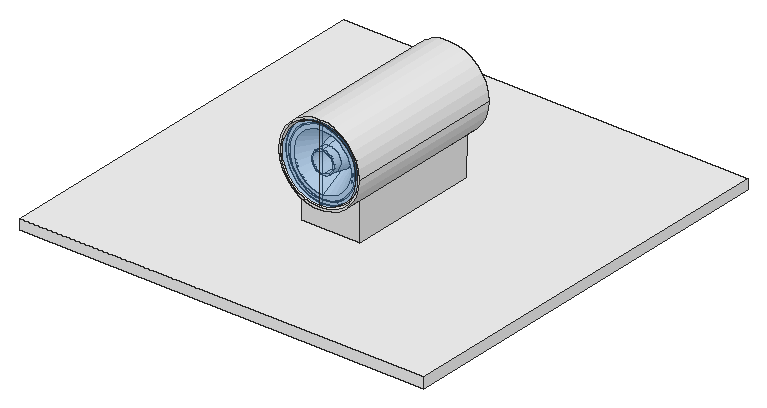
Revit family "BE_24724_de_DE", category Leuchten, Revit 2020
Family settings
  Basisbauteil = Fläche
  Bemaßung runder Anschluss = Durchmesser verwenden
  Teiletyp = Normal
  Beim Laden mit Abzugskörper schneiden = Ja
  Lichtquelle = Ja
  Gemeinsam genutzt = Nein
  Raumberechnungspunkt = Ja
Parameters (values of type "BEGA_24724_Weiß_K4")
  built-in parameter 1150104 = 16.317 (stored number, unit not read)
  Wattage = 3.9 W
  Default Elevation = 0 mm
  built-in parameter 1150113 = 1 (stored number, unit not read)
  built-in parameter 1114218 = 1 (stored number, unit not read)
  Umgebungstemperatur = "25 °C"
  URL = "https://www.bega.com/de/produkt/24724"
  Typenkommentare = "© 2022 BEGA. Wir behalten uns das Recht vor, technische Änderungen ohne vorherige Ankündigung vorzunehmen."  # constant formula
  built-in parameter 1150134 = 12
  built-in parameter 1150109 = 1 (stored number, unit not read)
  Strom = ""
  built-in parameter 1150110 = 1 (stored number, unit not read)
  Spannung = 239.996 V
  Sonderanfertigung = no
  Seriennummer [instance] = "Hier können Sie die eindeutige Seriennummer für das Facility Management eintragen."
  Schutzklasse = "I"
  Schutzart = "IP 65"
  Scheinlast = 0 VA
  Produktdatenblatt = "https://cdn.bega.com/bega/products/24724WK4/current/documents/data-sheets/de"
  Oberflächentemperatur = ""
  Neigungswinkel = 0.00°
  Modell = "24724WK4"
  Material_17 = BEGA_Reflektor
  Material_15 = BEGA_Leuchtmedium_matt
  Material_10 = BEGA_Glas_matt
  Material_06 = BEGA_Oberfläche_Edelstahl_gebürstet
  Material_03 = BEGA_Oberfläche_Weiss_matt
  Material_02 = BEGA_Oberfläche_Silber_matt
  Material_01 [instance] = BEGA_Oberfläche_Grafit_matt
  M_W = yes
  M_G = no
  M_A = no
  Logo = 0
  built-in parameter 1114217 = 1 (stored number, unit not read)
  built-in parameter 1150139 = (empty or 0)
  built-in parameter 1150105 = 54.51 (stored number, unit not read)
  built-in parameter 1150114 = 1 (stored number, unit not read)
  Lumens = 684.996 lm
  built-in parameter 1150115 = 1 (stored number, unit not read)
  Leuchtenlichtstrom = "196 lm"
  Leuchtenanzahl = ""
  Lebensdauerkriterien = "L70B50 @ 25 °C = 200000 h"
  Lastklassifizierung = Beleuchtung
  built-in parameter 1150112 = 1 (stored number, unit not read)
  Lampenlichtstrom = "685 lm"
  Lampe = "LED 3.9 W"
  LED_Modulbezeichnung = "LED-1029/840"
  built-in parameter 1150142 = (empty or 0)
  Hersteller = "BEGA"  # constant formula
  Halbstreuwinkel = ""
  Gewicht = "1.15 kg"
  Gebrauchslageneinschränkung [instance] = ""
  Frequenz = "0/50-60 Hz"
  Farbwiedergabeindex = "CRI > 80"
  Farbtemperaturverschiebung bei Dämpfen der Lampe = <Keine Auswahl>
  Farbtemperatur = "4000 K"
  Color Filter = 16777215
  built-in parameter 1150133 = 10 (stored number, unit not read)
  Energieeffizienzklasse = "LED A++ - A"
  built-in parameter 1150137 = (empty or 0)
  built-in parameter 1150132 = (empty or 0)
  ENEC = ""
  Dimmbar [instance] = ""
  Datei für fotometrisches Netz = "BE_24724K4.IES"
  CE_Konformität = "ja"
  Bestellnummer = "24724WK4"
  Beschreibung_Sonderanfertigung = "Hier können Sie Informationen zur Sonderanfertigung eintragen."
  Beschreibung = "Wandleuchte"
  built-in parameter 1150106 = 0.5451 (stored number, unit not read)
  Befestigungsbohrung = "Ø 4,5 mm"
  Befestigungsabstand = "38 x 110 mm"
  Ballwurfsicher = ""
  Anschlussleitung = ""
  Anschlussleistung [instance] = "5 W"
  Anschlusskasten = ""
  built-in parameter 1150107 = 4000 (stored number, unit not read)
  built-in parameter 1150102 = (empty or 0)
  built-in parameter 1150138 = (empty or 0)
  Aktualisierung = "2022-08-26T04:00:07"
  Abstand_zur_angestrahlten_Fläche [instance] = ""
  AC/DC = "AC/DC"
Types (6, lengths in mm): name | built-in parameter 1150104 | built-in parameter 1150134 | Modell | M_W | M_G | M_A | built-in parameter 1150105 | Lumens | Leuchtenlichtstrom | Lampenlichtstrom | LED_Modulbezeichnung | Farbtemperatur | Datei für fotometrisches Netz | Bestellnummer | built-in parameter 1150106 | built-in parameter 1150107
  BEGA_24724_Weiß_K4 | 16.317 (stored number, unit not read) | 12 | "24724WK4" | yes | no | no | 54.51 (stored number, unit not read) | 684.996 lm | "196 lm" | "685 lm" | "LED-1029/840" | "4000 K" | "BE_24724K4.IES" | "24724WK4" | 0.5451 (stored number, unit not read) | 4000 (stored number, unit not read)
  BEGA_24724_Weiß_K3 | 15.364 (stored number, unit not read) | (empty or 0) | "24724WK3" | yes | no | no | 51.326 (stored number, unit not read) | 644.982 lm | "185 lm" | "645 lm" | "LED-1029/830" | "3000 K" | "BE_24724K3.IES" | "24724WK3" | 0.51326 (stored number, unit not read) | 3000 (stored number, unit not read)
  BEGA_24724_Grafit_K4 | 16.317 (stored number, unit not read) | 12 | "24724K4" | no | yes | no | 54.51 (stored number, unit not read) | 684.996 lm | "196 lm" | "685 lm" | "LED-1029/840" | "4000 K" | "BE_24724K4.IES" | "24724K4" | 0.5451 (stored number, unit not read) | 4000 (stored number, unit not read)
  BEGA_24724_Grafit_K3 | 15.364 (stored number, unit not read) | (empty or 0) | "24724K3" | no | yes | no | 51.326 (stored number, unit not read) | 644.982 lm | "185 lm" | "645 lm" | "LED-1029/830" | "3000 K" | "BE_24724K3.IES" | "24724K3" | 0.51326 (stored number, unit not read) | 3000 (stored number, unit not read)
  BEGA_24724_Silber_K3 | 15.364 (stored number, unit not read) | (empty or 0) | "24724AK3" | no | no | yes | 51.326 (stored number, unit not read) | 644.982 lm | "185 lm" | "645 lm" | "LED-1029/830" | "3000 K" | "BE_24724K3.IES" | "24724AK3" | 0.51326 (stored number, unit not read) | 3000 (stored number, unit not read)
  BEGA_24724_Silber_K4 | 16.317 (stored number, unit not read) | 12 | "24724AK4" | no | no | yes | 54.51 (stored number, unit not read) | 684.996 lm | "196 lm" | "685 lm" | "LED-1029/840" | "4000 K" | "BE_24724K4.IES" | "24724AK4" | 0.5451 (stored number, unit not read) | 4000 (stored number, unit not read)
Reference planes
  plane 1 "Mitte (Vorne/Hinten)": y = 0
  plane 2: z = 0
  plane 3 "Mitte (Links/Rechts)": x = 0
  plane 4 "Links": x = -40.076
  plane 5 "Rechts": x = 40.06
  plane 6 "Unten": y = -79.5
  plane 7 "Oben": y = 79.5
  plane 8 "Vorne": z = 105.329
  plane 9 "Hinten": z = 0
Forms (mm)
  Extrusion 1, solid, material "BEGA_Platte_Weiss"
    sketch origin (0, -1119.2, 0) x (1, 0, 0) y (0, 1, 0)
      loop
        line (-200, 1319.2) -> (-200, 919.2) -> (200, 919.2) -> (200, 1319.2) -> (-200, 1319.2)
    from 0 to -10
  Extrusion 2, solid, material "BEGA_Dummy_matt", not visible
    sketch origin (80.095, -76.023, 0) x (1, 0, 0) y (0, 1, 0)
      loop
        line (-120.172, 155.523) -> (-120.172, -3.477) -> (-40.035, -3.477) -> (-40.035, 155.523) -> (-120.172, 155.523)
    from 0 to 105.329
Dimensions and locks
  plane 1 "Mitte (Vorne/Hinten)" to Extrusion 1 = 200 mm
  aligned and locked: Extrusion 1 to plane 2
  aligned and locked: level to Extrusion 1
Nested families
  nested 1: "BE_24724" at (0, 0, 0) x (0, -1, 0) z (0, 0, 1), type "BE_24724"
Connectors
  electrical at (0, 0, 0), driven by "Lastklassifizierung", driven by "Spannung", driven by "Scheinlast"
    settings: index 1, voltage 239.996 V, apparent load 0 VA, apparent load phase1 0 VA, apparent load phase2 0 VA, apparent load phase3 0 VA, power factor 1, load classification "Beleuchtung", number of poles 1, system type 31, power factor state 1, is connector primary yes, connector utility no, sub classification motor no, connector description ""
Definition of nested family "BE_24724"
  Parameters (values of type "BE_24724")
    Default Elevation = 1 mm
    URL = "http://www.bega.de/de/produkt"
    Type Comments = "© 2015 BEGA. Wir behalten uns das Recht vor, technische Änderungen ohne vorherige Ankündigung vorzunehmen. "  # constant formula
    Type Image = (empty or 0)
    Material_38 = none
    Material_15 = none
    Material_10 = none
    Material_03 = none
    Material_02 = none
    Material_01 = none
    M_W = yes
    M_G = yes
    M_A = yes
    Länge_Platte = 200 mm  # constant formula
    Höhe_Platte = -10 mm  # constant formula
    Manufacturer = "BEGA"  # constant formula
    Breite_Platte = 200 mm  # constant formula
  Reference planes
    plane 1 "Mitte (Oben/Unten)": y = 0
    plane 2: z = 0
    plane 3 "Mitte (Links/Rechts)": x = 0
    plane 4: y = 40.06
    plane 5: x = 79.5
    plane 6: y = -40.076
    plane 7: x = -79.5
    plane 8: z = 105.329
  Forms (mm)
    Extrusion 1, solid, detail levels medium
      sketch origin (0, 0, 0) x (1, 0, 0) y (0, 1, 0)
        loop
          line (-100, 100) -> (-100, -100) -> (100, -100) -> (100, 100) -> (-100, 100)
      from 0 to -10 <- "Höhe_Platte"
    Extrusion 2, solid, material <- "Material_01", visible <- "M_G"
      sketch origin (0, 0, 0) x (1, 0, 0) y (0, 0, 1)
        loop
          line (66.514, 39.932) -> (-66.514, 39.932) -> (-65.469, 0) -> (65.469, 0) -> (66.514, 39.932)
      from -29.127 to 29.01
    Extrusion 3, solid, material <- "Material_01", visible <- "M_G"
      sketch origin (0, 0, 0) x (0, 1, 0) y (0, 0, 1)
        loop
          circle (0, 65.2) r 40
      from -79.5 to 79.5
    Revolve 4, void
      sketch origin (0, 0, 0) x (1, 0, 0) y (0, 0, 1)
        loop
          line (75.3, 102.053) -> (75.3, 98.782) -> (40.25, 98.171) -> (40.25, 65.2) -> (79.5, 65.2) -> (79.5, 103.582) -> (75.3, 102.053)
        axis (79.5, 65.2) -> (40.25, 65.2)
      angle from 0 to 360
    Extrusion 5, solid, material <- "Material_15"
      sketch origin (0, 0, 0) x (1, 0, 0) y (0, 0, 1)
        loop
          line (41.95, 67.7) -> (41.95, 62.7) -> (42.75, 62.7) -> (42.75, 67.7) -> (41.95, 67.7)
      from -2.5 to 2.5
    Extrusion 6, solid, material <- "Material_03", visible <- "M_W"
      sketch origin (0, 0, 0) x (0, 1, 0) y (0, 0, 1)
        loop
          circle (0, 65.2) r 40
      from -79.5 to 79.5
    Extrusion 7, solid, material <- "Material_03", visible <- "M_W"
      sketch origin (0, 0, 0) x (1, 0, 0) y (0, 0, 1)
        loop
          line (66.514, 39.932) -> (-66.514, 39.932) -> (-65.469, 0) -> (65.469, 0) -> (66.514, 39.932)
      from -29.127 to 29.01
    Extrusion 8, solid, material <- "Material_03", visible <- "M_W"
      sketch origin (0, 0, 0) x (0, 1, 0) y (0, 0, 1)
        loop
          circle (0, 65.2) r 40
      from -79.5 to 79.5
    Extrusion 9, solid, material <- "Material_03", visible <- "M_W"
      sketch origin (0, 0, 0) x (1, 0, 0) y (0, 0, 1)
        loop
          line (66.514, 39.932) -> (-66.514, 39.932) -> (-65.469, 0) -> (65.469, 0) -> (66.514, 39.932)
      from -29.127 to 29.01
    Extrusion 10, solid, material <- "Material_02", visible <- "M_A"
      sketch origin (0, 0, 0) x (0, 1, 0) y (0, 0, 1)
        loop
          circle (0, 65.2) r 40
      from -79.5 to 79.5
    Extrusion 11, solid, material <- "Material_02", visible <- "M_A"
      sketch origin (0, 0, 0) x (1, 0, 0) y (0, 0, 1)
        loop
          line (66.514, 39.932) -> (-66.514, 39.932) -> (-65.469, 0) -> (65.469, 0) -> (66.514, 39.932)
      from -29.127 to 29.01
    Revolve 12, solid, material <- "Material_38"
      sketch origin (0, 0, 0) x (1, 0, 0) y (0, 0, 1)
        loop
          line (75.3, 93.549) -> (75.3, 97.426) -> (70.187, 99.093) -> (74.3, 94.11) -> (44.7, 80.385) -> (44.7, 75.996) -> (75.1, 75.2) -> (75.1, 76.4) -> (67.475, 76.6) -> (56.2, 79.1) -> (46.782, 79.182) -> (75.3, 93.549)
        axis (75.3, 65.2) -> (44.7, 65.2)
      angle from 0 to 360
    Revolve 13, solid, material <- "Material_10"
      sketch origin (0, 0, 0) x (1, 0, 0) y (0, 0, 1)
        loop
          line (79.51, 101.7) -> (75.4, 101.7) -> (75.4, 65.2) -> (79.51, 65.2) -> (79.51, 101.7)
        axis (79.51, 65.2) -> (75.4, 65.2)
      angle from 0 to 360
    Extrusion 14, void
      sketch origin (0, 0, 0) x (1, 0, 0) y (0, 1, 0)
        loop
          circle (-55, -20) r 2.25
        loop
          arc (52.75, 16) -> (55, 13.75) -> (57.25, 16) r 2.25
          line (57.25, 16) -> (57.25, 20)
          arc (57.25, 20) -> (55, 22.25) -> (52.75, 20) r 2.25
          line (52.75, 20) -> (52.75, 16)
        loop
          circle (30, -8.5) r 2.5
        loop
          circle (-30, -8.5) r 2.5
      from 0 to 27.187
  Cuts and joins
    Revolve 4, Extrusion 14 cuts Extrusion 2
    Revolve 4, Extrusion 14 cuts Extrusion 3
    joined: Extrusion 2, Extrusion 3
    Revolve 4, Extrusion 14 cuts Extrusion 8
    Revolve 4, Extrusion 14 cuts Extrusion 6
    Revolve 4, Extrusion 14 cuts Extrusion 7
    Revolve 4, Extrusion 14 cuts Extrusion 9
    joined: Extrusion 6, Extrusion 7, Extrusion 9
    Revolve 4, Extrusion 14 cuts Extrusion 10
    Revolve 4, Extrusion 14 cuts Extrusion 11
    joined: Extrusion 10, Extrusion 11
    Extrusion 14 cuts Revolve 12
  Dimensions and locks
    equal spacing: Extrusion 1 sketch curve, plane 3 "Mitte (Links/Rechts)", Extrusion 1 sketch curve
    equal spacing: Extrusion 1 sketch curve, plane 1 "Mitte (Oben/Unten)", Extrusion 1 sketch curve
    "Länge_Platte": Extrusion 1 sketch curve to Extrusion 1 sketch curve
    "Breite_Platte": Extrusion 1 sketch curve to Extrusion 1 sketch curve
    aligned and locked: Extrusion 1 to plane 2
    aligned and locked: level to Extrusion 1
  Automatic sketch dimensions
    Extrusion 2 sketch curve to level = 0 mm
    Extrusion 2 sketch curve to plane 3 "Mitte (Links/Rechts)" = 66.514 mm
    Extrusion 2 sketch curve to Extrusion 2 sketch curve = 1.046 mm  (x2)
    plane 3 "Mitte (Links/Rechts)" to Extrusion 2 sketch curve = 65.469 mm
    level to Extrusion 2 sketch curve = 39.932 mm
    Extrusion 3 sketch curve to plane 1 "Mitte (Oben/Unten)" = 0 mm
    level to Extrusion 3 sketch curve = 65.2 mm
    plane 3 "Mitte (Links/Rechts)" to Revolve 4 sketch curve = 40.25 mm
    Revolve 4 sketch curve to Revolve 4 sketch curve = 35.05 mm
    Revolve 4 sketch curve to Revolve 4 sketch curve = 4.2 mm
    level to Revolve 4 sketch curve = 65.2 mm
    Revolve 4 sketch curve to Revolve 4 sketch curve = 32.971 mm
    Revolve 4 sketch curve to Revolve 4 sketch curve = 33.582 mm
    Revolve 4 sketch curve to Revolve 4 sketch curve = 3.27 mm
    Revolve 4 sketch curve to Revolve 4 sketch curve = 1.529 mm
    Revolve 4 sketch curve to Revolve 4 sketch curve = 0 mm
    plane 3 "Mitte (Links/Rechts)" to Extrusion 5 sketch curve = 41.95 mm
    Extrusion 5 sketch curve to Extrusion 5 sketch curve = 0.8 mm
    level to Extrusion 5 sketch curve = 62.7 mm
    Extrusion 5 sketch curve to Extrusion 5 sketch curve = 5 mm
    Extrusion 6 sketch curve to plane 1 "Mitte (Oben/Unten)" = 0 mm
    level to Extrusion 6 sketch curve = 65.2 mm
    Extrusion 7 sketch curve to level = 0 mm
    Extrusion 7 sketch curve to plane 3 "Mitte (Links/Rechts)" = 66.514 mm
    Extrusion 7 sketch curve to Extrusion 7 sketch curve = 1.046 mm  (x2)
    plane 3 "Mitte (Links/Rechts)" to Extrusion 7 sketch curve = 65.469 mm
    level to Extrusion 7 sketch curve = 39.932 mm
    Extrusion 8 sketch curve to plane 1 "Mitte (Oben/Unten)" = 0 mm
    level to Extrusion 8 sketch curve = 65.2 mm
    Extrusion 9 sketch curve to level = 0 mm
    Extrusion 9 sketch curve to plane 3 "Mitte (Links/Rechts)" = 66.514 mm
    Extrusion 9 sketch curve to Extrusion 9 sketch curve = 1.046 mm  (x2)
    plane 3 "Mitte (Links/Rechts)" to Extrusion 9 sketch curve = 65.469 mm
    level to Extrusion 9 sketch curve = 39.932 mm
    Extrusion 10 sketch curve to plane 1 "Mitte (Oben/Unten)" = 0 mm
    level to Extrusion 10 sketch curve = 65.2 mm
    Extrusion 11 sketch curve to level = 0 mm
    Extrusion 11 sketch curve to plane 3 "Mitte (Links/Rechts)" = 66.514 mm
    Extrusion 11 sketch curve to Extrusion 11 sketch curve = 1.046 mm  (x2)
    plane 3 "Mitte (Links/Rechts)" to Extrusion 11 sketch curve = 65.469 mm
    level to Extrusion 11 sketch curve = 39.932 mm
    plane 3 "Mitte (Links/Rechts)" to Revolve 12 sketch curve = 44.7 mm
    Revolve 12 sketch curve to Revolve 12 sketch curve = 2.082 mm
    Revolve 12 sketch curve to Revolve 12 sketch curve = 9.418 mm
    Revolve 12 sketch curve to Revolve 12 sketch curve = 11.275 mm
    Revolve 12 sketch curve to Revolve 12 sketch curve = 2.712 mm
    Revolve 12 sketch curve to Revolve 12 sketch curve = 4.113 mm
    Revolve 12 sketch curve to Revolve 12 sketch curve = 7.625 mm
    Revolve 12 sketch curve to Revolve 12 sketch curve = 1 mm
    level to Revolve 12 sketch curve = 75.2 mm
    Revolve 12 sketch curve to Revolve 12 sketch curve = 0.796 mm
    Revolve 12 sketch curve to Revolve 12 sketch curve = 1.2 mm
    Revolve 12 sketch curve to Revolve 12 sketch curve = 0.2 mm
    Revolve 12 sketch curve to Revolve 12 sketch curve = 2.5 mm
    Revolve 12 sketch curve to Revolve 12 sketch curve = 3.186 mm
    Revolve 12 sketch curve to Revolve 12 sketch curve = 1.203 mm
    Revolve 12 sketch curve to Revolve 12 sketch curve = 17.148 mm
    Revolve 12 sketch curve to Revolve 12 sketch curve = 0.562 mm
    Revolve 12 sketch curve to Revolve 12 sketch curve = 3.315 mm
    Revolve 12 sketch curve to Revolve 12 sketch curve = 1.668 mm
    Revolve 12 sketch curve to plane 3 "Mitte (Links/Rechts)" = 77.3 mm
    Revolve 12 sketch curve to Revolve 12 sketch curve = 2.668 mm
    Revolve 12 sketch curve to Revolve 12 sketch curve = 10 mm
    plane 3 "Mitte (Links/Rechts)" to Revolve 13 sketch curve = 75.4 mm
    Revolve 13 sketch curve to Revolve 13 sketch curve = 4.11 mm
    level to Revolve 13 sketch curve = 65.2 mm
    Revolve 13 sketch curve to Revolve 13 sketch curve = 36.5 mm
    Revolve 13 sketch curve to plane 3 "Mitte (Links/Rechts)" = 77.3 mm
    Revolve 13 sketch curve to Revolve 13 sketch curve = 1.742 mm
    Revolve 13 sketch curve to Revolve 13 sketch curve = 0 mm
    plane 1 "Mitte (Oben/Unten)" to Extrusion 14 sketch curve = 20 mm
    Extrusion 14 sketch curve to plane 3 "Mitte (Links/Rechts)" = 55 mm
    plane 1 "Mitte (Oben/Unten)" to Extrusion 14 sketch curve = 8.5 mm  (x2)
    plane 3 "Mitte (Links/Rechts)" to Extrusion 14 sketch curve = 30 mm
    Extrusion 14 sketch curve to plane 1 "Mitte (Oben/Unten)" = 16 mm
    Extrusion 14 sketch curve to Extrusion 14 sketch curve = 22.75 mm
    Extrusion 14 sketch curve to Extrusion 14 sketch curve = 2.25 mm
    Extrusion 14 sketch curve to Extrusion 14 sketch curve = 4 mm
    Extrusion 14 sketch curve to Extrusion 14 sketch curve = 25 mm
    plane 7 to Revolve 4 sketch curve = 0 mm
    Revolve 4 sketch curve to plane 8 = 40.129 mm
    radius of Extrusion 3 sketch curve = 40 mm
    radius of Extrusion 6 sketch curve = 40 mm
    radius of Extrusion 8 sketch curve = 40 mm
    radius of Extrusion 10 sketch curve = 40 mm
    radius of Extrusion 14 sketch curve = 2.25 mm
    radius of Extrusion 14 sketch curve = 2.5 mm  (x2)
